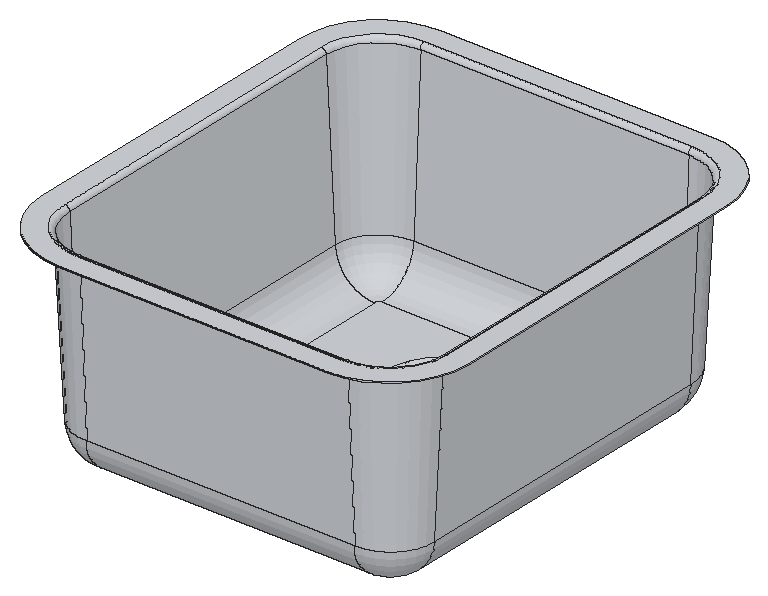
Revit family "Sink_Kitchen_Abey_Builders_SingleBowl_R50_FaceBased", category Plumbing Fixtures, host Face, Revit 2022
Family settings
  Host = Face
  Round Connector Dimension = Use Diameter
  Part Type = Normal
  OmniClass Number = 23.31.13.00
  OmniClass Title = Sinks
  Cut with Voids When Loaded = Yes
  Maintain Annotation Orientation = No
  Shared = No
  Room Calculation Point = No
Parameters (values of type "RFA100")
  Waste Connection = yes
  VoidHeightCalc [instance] = if(AboveMount, -40 mm, ManufacturerOverallHeight)  # -40 mm
  Vent Connection = no
  Uniclass2015Version = "Products v1.38"
  Uniclass2015Title = "Kitchen sinks"
  Uniclass2015Code = "Pr_40_20_96_45"
  UnderMount [instance] = no
  URL = "https://www.abey.com.au/"
  Type Comments = "Sink - Kitchen - Single Bowl - R50 - Single Bowl Stainless Steel"
  PopOutMaterial = Metal_Abey_StainlessSteel
  ModifiedIssue = 20251103
  Model = "RFA100"
  BodyMaterial = Metal_Abey_StainlessSteel
  ManufacturerURLProductSpecific = "https://www.abeyspecifier.com.au/product/r50-single-bowl-sink/"
  ManufacturerSpecCode = Model  # "RFA100"
  ManufacturerOverallWidth = 407 mm  # constant formula
  ManufacturerOverallHeight = 200 mm  # constant formula
  ManufacturerOverallDepth = 457 mm  # constant formula
  Manufacturer = "Abey"
  Keynote = ""
  IfcExportType = "SINK"
  IfcExportAs = "IfcSanitaryTerminal"
  HW Connection = no
  FlushMount [instance] = no
  Description = "Abey R50 Single Bowl Sink"
  Default Elevation = 900 mm
  CreatedByURL = "https://igsgroup.com.au"
  CreatedBy = "IGS BIM Solutions"  # constant formula
  Cost = 0
  CW Connection = no
  BasinElevationCalc [instance] = if(UnderMount, 41 mm, if(FlushMount, 1 mm, 0 mm))  # 0 mm
  Assembly Code = "D2010410"
  AboveMount [instance] = yes
Reference planes
  plane 1 "DrainCenter (Front/Back)": y = -43
  plane 2 "WallFace": z = 0
  plane 3 "Center (Left/Right)": x = 18.07
  plane 4 "Front": y = -346.5
  plane 5 "Back": y = 110.5
  plane 6 "Left": x = -185.43
  plane 7 "Right": x = 221.57
  plane 8 "Top": z = 1
  plane 9 "Bottom": z = -199
  plane 10 "LipBottom": z = 0
Forms (mm)
  Extrusion 1, void
    sketch origin (63.87, -1678.5, 0) x (0, -1, 0) y (1, 0, 0)
      loop
        arc (-1714, 142.7) -> (-1756.426, 125.126) -> (-1774, 82.7) r 60
        line (-1774, 82.7) -> (-1774, -174.3)
        arc (-1774, -174.3) -> (-1756.426, -216.726) -> (-1714, -234.3) r 60
        line (-1714, -234.3) -> (-1407, -234.3)
        arc (-1407, -234.3) -> (-1364.574, -216.726) -> (-1347, -174.3) r 60
        line (-1347, -174.3) -> (-1347, 82.7)
        arc (-1347, 82.7) -> (-1364.574, 125.126) -> (-1407, 142.7) r 60
        line (-1407, 142.7) -> (-1714, 142.7)
    from 0 to -199
  Extrusion 2, void
    sketch origin (63.87, -1678.5, 1) x (0, -1, 0) y (-1, 0, 0)
      loop
        arc (-1714, 249.3) -> (-1767.033, 227.333) -> (-1789, 174.3) r 75
        line (-1789, 174.3) -> (-1789, -82.7)
        arc (-1789, -82.7) -> (-1767.033, -135.733) -> (-1714, -157.7) r 75
        line (-1714, -157.7) -> (-1407, -157.7)
        arc (-1407, -157.7) -> (-1353.967, -135.733) -> (-1332, -82.7) r 75
        line (-1332, -82.7) -> (-1332, 174.3)
        arc (-1332, 174.3) -> (-1353.967, 227.333) -> (-1407, 249.3) r 75
        line (-1407, 249.3) -> (-1714, 249.3)
    from 0 to -40 <- "VoidHeightCalc"
  Extrusion 3, void
    sketch origin (63.87, -1678.5, 1) x (0, -1, 0) y (1, 0, 0)
      loop
        line (-1769, 82.7) -> (-1769, -174.3)
        arc (-1769, -174.3) -> (-1752.891, -213.191) -> (-1714, -229.3) r 55
        line (-1714, -229.3) -> (-1407, -229.3)
        arc (-1407, -229.3) -> (-1368.109, -213.191) -> (-1352, -174.3) r 55
        line (-1352, -174.3) -> (-1352, 82.7)
        arc (-1352, 82.7) -> (-1368.109, 121.591) -> (-1407, 137.7) r 55
        line (-1407, 137.7) -> (-1714, 137.7)
        arc (-1714, 137.7) -> (-1752.891, 121.591) -> (-1769, 82.7) r 55
    from 0 to 40
Text (mm)
  text "Disclaimer:\nDue to ongoing product development and manufacturing evolution, product details are subject to change without notice. Please refer to product technical data sheets on the manufacturers website for the most current product information. Please allow a +/- 5mm manufacturing tolerance for dimensions and set-outs shown in product literature." at (479.514, 74.225, 0), in view "Ref. Level"
Dimensions and locks
  "ManufacturerOverallWidth": plane 6 "Left" to plane 7 "Right"
  "ManufacturerOverallDepth": plane 4 "Front" to plane 5 "Back"
  equal spacing: plane 6 "Left", plane 3 "Center (Left/Right)", plane 7 "Right"
  locked: plane 1 "DrainCenter (Front/Back)" to plane 5 "Back" at 153.5
  "ManufacturerOverallHeight": plane 8 "Top" to plane 9 "Bottom"
  locked: plane 8 "Top" to plane 10 "LipBottom" at 1
  "BasinElevationCalc": plane 2 "WallFace" to plane 10 "LipBottom"
  aligned and locked: plane 2 "WallFace" to host face
  aligned and locked: plane 3 "Center (Left/Right)" to nested 1
  aligned and locked: nested 1 to plane 9 "Bottom"
Automatic sketch dimensions
  host sketch curve to host sketch curve = 830.301 mm
  host sketch curve to host sketch curve = 527.459 mm
  plane 5 "Back" to Extrusion 3 sketch curve = 20 mm
  Extrusion 3 sketch curve to plane 6 "Left" = 20 mm
  plane 5 "Back" to Extrusion 3 sketch curve = 75 mm
  Extrusion 3 sketch curve to Extrusion 3 sketch curve = 55 mm
  plane 4 "Front" to Extrusion 3 sketch curve = 75 mm  (x2)
  plane 4 "Front" to Extrusion 3 sketch curve = 20 mm
  Extrusion 3 sketch curve to plane 7 "Right" = 75 mm
  plane 5 "Back" to Extrusion 2 sketch curve = 0 mm
  Extrusion 2 sketch curve to plane 6 "Left" = 0 mm
  Extrusion 2 sketch curve to plane 7 "Right" = 0 mm
  Extrusion 2 sketch curve to plane 4 "Front" = 0 mm
  plane 5 "Back" to Extrusion 2 sketch curve = 75 mm  (x2)
  plane 4 "Front" to Extrusion 2 sketch curve = 75 mm
  Extrusion 2 sketch curve to Extrusion 2 sketch curve = 75 mm
  plane 5 "Back" to Extrusion 1 sketch curve = 15 mm
  Extrusion 1 sketch curve to Extrusion 1 sketch curve = 60 mm  (x2)
  Extrusion 1 sketch curve to plane 7 "Right" = 15 mm
  plane 4 "Front" to Extrusion 1 sketch curve = 75 mm  (x2)
  plane 4 "Front" to Extrusion 1 sketch curve = 15 mm
  Extrusion 1 sketch curve to plane 6 "Left" = 75 mm
Nested families
  nested 1: "z_Sink_Kitchen_Abey_Builders_SingleBowl_R50" at (128.87, -154.5, 0), UnderMount <- "UnderMount", FlushMount <- "FlushMount", AboveMount <- "AboveMount", type "Type 1"
    with VoidHeightCalc -40 mm, UnderMount no, FlushMount no, BasinElevationCalc 0 mm, AboveMount yes
Connectors
  piping at (18.07, -43, -280), diameter 50, driven by "Waste Connection"
    settings: on nested 1, index 1, connector inside diameter 24", connector length 0 mm, flow factor 0, pipe flow 0.00 L/s, pressure drop 0 kPa, fitting loss kfactor 0, connector angle 0.00°, fixture units 0, engagement length 0 mm, angle of deflection 0.00°, flow configuration 2, flow direction 2, fitting loss method 4, system type 16, joint type 0, gender type 0, connector reference index -1, connector utility 1, adjustable connector no, is connector primary yes, connector description "Waste Outlet"
Definition of nested family "z_Sink_Kitchen_Abey_Builders_SingleBowl_R50"
  Parameters (values of type "Type 1")
    Waste Connection = yes
    VoidHeightCalc [instance] = if(AboveMount, -40 mm, ManufacturerOverallHeight)  # -40 mm
    Vent Connection = no
    UnderMount [instance] = no
    URL = "https://www.abey.com.au/"
    Type Comments = ""
    PopOutMaterial = none
    Model = ""
    Default Elevation = 0 mm
    BasinElevationCalc [instance] = if(UnderMount, 41 mm, if(FlushMount, 1 mm, 0 mm))  # 0 mm
    FlushMount [instance] = no
    BodyMaterial = none
    ManufacturerOverallWidth = 407 mm  # constant formula
    ManufacturerOverallHeight = 200 mm  # constant formula
    ManufacturerOverallDepth = 457 mm  # constant formula
    Manufacturer = "Abey"
    HW Connection = no
    Description = ""
    CreatedByURL = "https://igsgroup.com.au"
    CreatedBy = "IGS BIM Solutions"  # constant formula
    CW Connection = no
    Assembly Code = "D2010410"
    AboveMount [instance] = yes
  Reference planes
    plane 1 "Ref. Level": z = 0
    plane 2 "Left": x = -314.3
    plane 3 "Right": x = 92.7
    plane 4 "Back": y = 265
    plane 5 "Front": y = -192
    plane 6 "Bottom": z = -199
    plane 7 "Top": z = 1
    plane 8 "MountingHeight": z = 0
    plane 9 "DrainCenter (Front/Back)": y = 111.5
    plane 10 "SinkCenter (Left/Right)": x = -110.8
  Forms (mm)
    Extrusion 1, solid, material <- "BodyMaterial"
      sketch origin (-65, -1524, 1) x (0, -1, 0) y (-1, 0, 0)
        loop
          line (-1789, 174.3) -> (-1789, -82.7)
          arc (-1789, -82.7) -> (-1767.033, -135.733) -> (-1714, -157.7) r 75
          line (-1714, -157.7) -> (-1407, -157.7)
          arc (-1407, -157.7) -> (-1353.967, -135.733) -> (-1332, -82.7) r 75
          line (-1332, -82.7) -> (-1332, 174.3)
          arc (-1332, 174.3) -> (-1353.967, 227.333) -> (-1407, 249.3) r 75
          line (-1407, 249.3) -> (-1714, 249.3)
          arc (-1714, 249.3) -> (-1767.033, 227.333) -> (-1789, 174.3) r 75
        loop
          arc (-1346.52, 173.545) -> (-1364.455, 216.845) -> (-1407.755, 234.78) r 61.235
          line (-1407.755, 234.78) -> (-1713.245, 234.78)
          arc (-1713.245, 234.78) -> (-1756.545, 216.845) -> (-1774.48, 173.545) r 61.235
          line (-1774.48, 173.545) -> (-1774.48, -81.945)
          arc (-1774.48, -81.945) -> (-1756.545, -125.245) -> (-1713.245, -143.18) r 61.235
          line (-1713.245, -143.18) -> (-1407.755, -143.18)
          arc (-1407.755, -143.18) -> (-1364.455, -125.245) -> (-1346.52, -81.945) r 61.235
          line (-1346.52, -81.945) -> (-1346.52, 173.545)
      from 0 to 1
    Sweep 2, solid, material <- "BodyMaterial"
      path origin (0, 0, -199) x (0, -1, 0) y (1, 0, 0)
        loop
          arc (116.245, -293.545) -> (155.136, -277.436) -> (171.245, -238.545) r 55
          line (171.245, -238.545) -> (171.245, 16.945)
          arc (171.245, 16.945) -> (155.136, 55.836) -> (116.245, 71.945) r 55
          line (116.245, 71.945) -> (-189.245, 71.945)
          arc (-189.245, 71.945) -> (-228.136, 55.836) -> (-244.245, 16.945) r 55
          line (-244.245, 16.945) -> (-244.245, -238.545)
          arc (-244.245, -238.545) -> (-228.136, -277.436) -> (-189.245, -293.545) r 55
          line (-189.245, -293.545) -> (116.245, -293.545)
      profile origin (-293.545, 36.5, -199) x (-1, 0, 0) y (0, 0, 1)
        loop
          line (-4.993, 195.262) -> (-13.339, 36.011)
          arc (-13.339, 36.011) -> (-25.13, 10.436) -> (-51.287, 0) r 38
          line (-51.287, 0) -> (-53, 0) -> (-53, -1) -> (-51.287, -1)
          arc (-51.287, -1) -> (-24.441, 9.71) -> (-12.34, 35.959) r 39
          line (-12.34, 35.959) -> (-3.995, 195.209)
          arc (-3.995, 195.209) -> (-2.753, 197.901) -> (0, 199) r 4
          line (0, 199) -> (6.235, 199) -> (6.235, 200) -> (0, 200)
          arc (0, 200) -> (-3.442, 198.627) -> (-4.993, 195.262) r 5
    Extrusion 3, solid, material <- "BodyMaterial"
      sketch origin (0, 0, -199) x (0, -1, 0) y (1, 0, 0)
        loop
          arc (-191.245, -238.545) -> (-190.659, -239.959) -> (-189.245, -240.545) r 2
          line (-189.245, -240.545) -> (116.245, -240.545)
          arc (116.245, -240.545) -> (117.659, -239.959) -> (118.245, -238.545) r 2
          line (118.245, -238.545) -> (118.245, 16.945)
          arc (118.245, 16.945) -> (117.659, 18.359) -> (116.245, 18.945) r 2
          line (116.245, 18.945) -> (-189.245, 18.945)
          arc (-189.245, 18.945) -> (-190.659, 18.359) -> (-191.245, 16.945) r 2
          line (-191.245, 16.945) -> (-191.245, -238.545)
        loop
          circle (-111.5, -110.8) r 61.25
      from 0 to -1
    Revolve 4, solid, material <- "BodyMaterial"
      sketch origin (0, 111.5, 0) x (1, 0, 0) y (0, 0, 1)
        loop
          line (-155.8, -208.059) -> (-167.754, -205.518) -> (-172.05, -199) -> (-173.248, -199) -> (-168.364, -206.411) -> (-155.8, -209.082) -> (-155.8, -208.059)
        axis (-110.8, -199) -> (-110.8, -209.082)
      angle from 0 to 360
  Cuts and joins
    joined: Extrusion 1, Sweep 2, Extrusion 3, Revolve 4
  Lines and regions (mm)
    Masking region 1, visible <- "AboveMount"
      outline origin (0, 0, 1) x (0, -1, 0) y (1, 0, 0)
        loop
          arc (-265, -239.3) -> (-243.033, -292.333) -> (-190, -314.3) r 75
          line (-190, -314.3) -> (117, -314.3)
          arc (117, -314.3) -> (170.033, -292.333) -> (192, -239.3) r 75
          line (192, -239.3) -> (192, 17.7)
          arc (192, 17.7) -> (170.033, 70.733) -> (117, 92.7) r 75
          line (117, 92.7) -> (-190, 92.7)
          arc (-190, 92.7) -> (-243.033, 70.733) -> (-265, 17.7) r 75
          line (-265, 17.7) -> (-265, -239.3)
    Masking region 2, visible <- "UnderMount"
      outline origin (0, 0, 1) x (0, -1, 0) y (1, 0, 0)
        loop
          arc (-245, -239.3) -> (-228.891, -278.191) -> (-190, -294.3) r 55
          line (-190, -294.3) -> (117, -294.3)
          arc (117, -294.3) -> (155.891, -278.191) -> (172, -239.3) r 55
          line (172, -239.3) -> (172, 17.7)
          arc (172, 17.7) -> (155.891, 56.591) -> (117, 72.7) r 55
          line (117, 72.7) -> (-190, 72.7)
          arc (-190, 72.7) -> (-228.891, 56.591) -> (-245, 17.7) r 55
          line (-245, 17.7) -> (-245, -239.3)
    Masking region 3, visible <- "FlushMount"
      outline origin (0, 0, 1) x (0, -1, 0) y (1, 0, 0)
        loop
          arc (-265, -239.3) -> (-243.033, -292.333) -> (-190, -314.3) r 75
          line (-190, -314.3) -> (117, -314.3)
          arc (117, -314.3) -> (170.033, -292.333) -> (192, -239.3) r 75
          line (192, -239.3) -> (192, 17.7)
          arc (192, 17.7) -> (170.033, 70.733) -> (117, 92.7) r 75
          line (117, 92.7) -> (-190, 92.7)
          arc (-190, 92.7) -> (-243.033, 70.733) -> (-265, 17.7) r 75
          line (-265, 17.7) -> (-265, -239.3)
    symbolic lines, detail levels medium+fine
      curve 1: arc (-238.8, 229.5, 1) -> (-267.084, 217.784, 1) -> (-278.8, 189.5, 1) r 40
      curve 2: line (-278.8, 189.5, 1) -> (-278.8, -116.5, 1)
      curve 3: arc (-278.8, -116.5, 1) -> (-267.084, -144.784, 1) -> (-238.8, -156.5, 1) r 40
      curve 4: line (-238.8, -156.5, 1) -> (17.2, -156.5, 1)
      curve 5: arc (17.2, -156.5, 1) -> (45.484, -144.784, 1) -> (57.2, -116.5, 1) r 40
      curve 6: line (57.2, -116.5, 1) -> (57.2, 189.5, 1)
      curve 7: arc (57.2, 189.5, 1) -> (45.484, 217.784, 1) -> (17.2, 229.5, 1) r 40
      curve 8: line (17.2, 229.5, 1) -> (-238.8, 229.5, 1)
      curve 9: line (-288.8, -116.5, 1) -> (-288.8, 189.5, 1)
      curve 10: line (17.2, -166.5, 1) -> (-238.8, -166.5, 1)
      curve 11: line (67.2, 189.5, 1) -> (67.2, -116.5, 1)
      curve 12: arc (-238.8, -166.5, 1) -> (-274.155, -151.855, 1) -> (-288.8, -116.5, 1) r 50
      curve 13: arc (17.2, -166.5, 1) -> (52.555, -151.855, 1) -> (67.2, -116.5, 1) r 50
      curve 14: arc (67.2, 189.5, 1) -> (52.555, 224.855, 1) -> (17.2, 239.5, 1) r 50
      curve 15: arc (-288.8, 189.5, 1) -> (-274.155, 224.855, 1) -> (-238.8, 239.5, 1) r 50
      curve 16: line (-238.8, 239.5, 1) -> (17.2, 239.5, 1)
      curve 17: circle (-110.8, 111.5, 1) r 45 normal (0, 0, -1)
    symbolic lines
      curve 18: arc (-281.204, -192, -163.041) -> (-269.104, -192, -189.29) -> (-242.258, -192, -200) r 39
      curve 19: arc (59.604, -192, -163.041) -> (47.504, -192, -189.29) -> (20.658, -192, -200) r 39
  Dimensions and locks
    "ManufacturerOverallWidth": plane 2 "Left" to plane 3 "Right"
    "ManufacturerOverallDepth": plane 4 "Back" to plane 5 "Front"
    "ManufacturerOverallHeight": plane 7 "Top" to plane 6 "Bottom"
    locked: plane 7 "Top" to plane 8 "MountingHeight" at 1
    "BasinElevationCalc": plane 1 "Ref. Level" to plane 8 "MountingHeight"
    locked: plane 9 "DrainCenter (Front/Back)" to plane 4 "Back" at 153.5
    equal spacing: plane 2 "Left", plane 10 "SinkCenter (Left/Right)", plane 3 "Right"
    aligned and locked: level to plane 1 "Ref. Level"
    aligned and locked: nested 1 to plane 6 "Bottom"
  Automatic sketch dimensions
    plane 4 "Back" to Extrusion 1 sketch curve = 0 mm
    Extrusion 1 sketch curve to plane 3 "Right" = 0 mm
    Extrusion 1 sketch curve to plane 2 "Left" = 0 mm
    Extrusion 1 sketch curve to plane 5 "Front" = 0 mm
    plane 4 "Back" to Extrusion 1 sketch curve = 14.52 mm
    Extrusion 1 sketch curve to Extrusion 1 sketch curve = 60.48 mm
    Extrusion 1 sketch curve to Extrusion 1 sketch curve = 0.755 mm  (x2)
    plane 2 "Left" to Extrusion 1 sketch curve = 14.52 mm
    plane 5 "Front" to Extrusion 1 sketch curve = 75.755 mm
    plane 5 "Front" to Extrusion 1 sketch curve = 14.52 mm
    plane 4 "Back" to Masking region 1 sketch curve = 0 mm
    Masking region 1 sketch curve to plane 2 "Left" = 0 mm
    Masking region 1 sketch curve to plane 3 "Right" = 0 mm
    Masking region 1 sketch curve to plane 5 "Front" = 0 mm
    plane 4 "Back" to Masking region 1 sketch curve = 75 mm
    Masking region 1 sketch curve to Masking region 1 sketch curve = 75 mm  (x2)
    plane 2 "Left" to Masking region 1 sketch curve = 75 mm
    plane 4 "Back" to Masking region 2 sketch curve = 20 mm
    plane 3 "Right" to Masking region 2 sketch curve = 20 mm
    plane 4 "Back" to Masking region 2 sketch curve = 75 mm
    Masking region 2 sketch curve to Masking region 2 sketch curve = 55 mm
    plane 5 "Front" to Masking region 2 sketch curve = 75 mm  (x2)
    plane 5 "Front" to Masking region 2 sketch curve = 20 mm
    plane 2 "Left" to Masking region 2 sketch curve = 75 mm
    plane 4 "Back" to Masking region 3 sketch curve = 0 mm
    Masking region 3 sketch curve to plane 2 "Left" = 0 mm
    Masking region 3 sketch curve to plane 3 "Right" = 0 mm
    Masking region 3 sketch curve to plane 5 "Front" = 0 mm
    plane 4 "Back" to Masking region 3 sketch curve = 75 mm
    Masking region 3 sketch curve to Masking region 3 sketch curve = 75 mm  (x2)
    plane 2 "Left" to Masking region 3 sketch curve = 75 mm
    plane 4 "Back" to Sweep 2 sketch curve = 20.755 mm
    plane 4 "Back" to Sweep 2 sketch curve = 75.755 mm  (x2)
    plane 2 "Left" to Sweep 2 sketch curve = 20.755 mm
    plane 5 "Front" to Sweep 2 sketch curve = 75.755 mm  (x2)
    plane 5 "Front" to Sweep 2 sketch curve = 20.755 mm
    Sweep 2 sketch curve to Sweep 2 sketch curve = 0 mm  (x4)
    Sweep 2 sketch curve to plane 6 "Bottom" = 0 mm
    Sweep 2 sketch curve to profile plane = 0 mm
    profile plane to Sweep 2 sketch curve = 3.995 mm
    Sweep 2 sketch curve to Sweep 2 sketch curve = 0.999 mm  (x2)
    profile plane to Sweep 2 sketch curve = 12.34 mm
    Sweep 2 sketch curve to Sweep 2 sketch curve = 37.948 mm
    Sweep 2 sketch curve to Sweep 2 sketch curve = 1.713 mm
    Sweep 2 sketch curve to Sweep 2 sketch curve = 6.235 mm
    plane 6 "Bottom" to Sweep 2 sketch curve = 1 mm
    Sweep 2 sketch curve to plane 6 "Bottom" = 35.959 mm
    Sweep 2 sketch curve to Sweep 2 sketch curve = 159.041 mm
    Sweep 2 sketch curve to Sweep 2 sketch curve = 0.209 mm
    Sweep 2 sketch curve to Sweep 2 sketch curve = 0.052 mm
    Extrusion 1 sketch curve to Extrusion 1 sketch curve = 75 mm
    plane 4 "Back" to Extrusion 1 sketch curve = 75.755 mm
    Extrusion 1 sketch curve to Extrusion 1 sketch curve = 61.235 mm
    plane 5 "Front" to Extrusion 1 sketch curve = 75 mm
    Extrusion 1 sketch curve to Extrusion 1 sketch curve = 255.49 mm
    Sweep 2 sketch curve to Sweep 2 sketch curve = 255.49 mm
    curve 1 to curve 15 = 0 mm  (x2)
    curve 3 to curve 12 = 0 mm  (x2)
    curve 5 to curve 13 = 0 mm  (x2)
    curve 7 to curve 14 = 0 mm  (x2)
    plane 9 "DrainCenter (Front/Back)" to curve 17 = 0 mm
    curve 17 to plane 10 "SinkCenter (Left/Right)" = 0 mm
    plane 4 "Back" to curve 1 = 75.5 mm
    plane 4 "Back" to curve 7 = 75.5 mm
    plane 4 "Back" to curve 8 = 35.5 mm
    curve 16 to curve 7 = 10 mm
    plane 3 "Right" to curve 6 = 35.5 mm
    plane 5 "Front" to curve 6 = 75.5 mm
    plane 5 "Front" to curve 2 = 75.5 mm
    plane 5 "Front" to curve 4 = 35.5 mm
    plane 2 "Left" to curve 8 = 75.5 mm
    plane 9 "DrainCenter (Front/Back)" to Extrusion 3 sketch curve = 0 mm
    Extrusion 3 sketch curve to plane 10 "SinkCenter (Left/Right)" = 0 mm
    plane 4 "Back" to Extrusion 3 sketch curve = 75.755 mm  (x2)
    Extrusion 3 sketch curve to Extrusion 3 sketch curve = 2 mm  (x2)
    plane 5 "Front" to Extrusion 3 sketch curve = 75.755 mm  (x2)
    plane 2 "Left" to Extrusion 3 sketch curve = 75.755 mm
    plane 3 "Right" to Extrusion 3 sketch curve = 75.755 mm
    Revolve 4 sketch curve to plane 6 "Bottom" = 0 mm  (x2)
    plane 10 "SinkCenter (Left/Right)" to Revolve 4 sketch curve = 0 mm
    plane 6 "Bottom" to Revolve 4 sketch curve = 9.059 mm
    plane 10 "SinkCenter (Left/Right)" to Revolve 4 sketch curve = 45 mm
    plane 6 "Bottom" to Revolve 4 sketch curve = 6.518 mm
    Revolve 4 sketch curve to Revolve 4 sketch curve = 11.954 mm
    plane 6 "Bottom" to Revolve 4 sketch curve = 7.411 mm
    Revolve 4 sketch curve to Revolve 4 sketch curve = 0.609 mm
    Revolve 4 sketch curve to Revolve 4 sketch curve = 4.296 mm
    Revolve 4 sketch curve to Revolve 4 sketch curve = 1.198 mm
    Revolve 4 sketch curve to Revolve 4 sketch curve = 1.022 mm
    plane 6 "Bottom" to Revolve 4 sketch curve = 6.66 mm
    curve 18 to plane 2 "Left" = 72.042 mm
    curve 19 to plane 3 "Right" = 72.042 mm
    plane 6 "Bottom" to curve 19 = 38 mm
    plane 6 "Bottom" to curve 18 = 38 mm
    curve 18 to plane 2 "Left" = 33.096 mm
    curve 19 to plane 3 "Right" = 33.096 mm
    plane 6 "Bottom" to curve 18 = 35.959 mm
    plane 6 "Bottom" to curve 19 = 35.959 mm
    radius of curve 17 = 45 mm
    radius of Extrusion 3 sketch curve = 61.25 mm
  Nested families
    nested 1: "z_WasteOutlet_Abey_90mm" at (-208.82, 266.5, -199), type "Type 1"
  Definition of nested family "z_WasteOutlet_Abey_90mm"
    Parameters (values of type "Type 1")
      Waste Connection = no
      WFU = 0
      Vent Connection = no
      URL = ""
      Type Comments = ""
      Model = ""
      ManufacturerOverallWidth = 90 mm  # constant formula
      ManufacturerOverallHeight = 81 mm  # constant formula
      ManufacturerOverallDepth = 90 mm  # constant formula
      Manufacturer = "Abey"
      Keynote = ""
      HWFU = 0
      HW Connection = no
      Description = ""
      Default Elevation = 0 mm
      CreatedBy = "IGS BIM Solutions"
      Cost = 0
      CWFU = 0
      CW Connection = no
      Material = none
      Assembly Code = ""
    Reference planes
      plane 1 "Ref. Level": z = 0
      plane 2 "Center (Left/Right)": x = 98.02
      plane 3 "Bottom": z = -81
      plane 4 "Back": y = -110
      plane 5 "Left": x = 53.02
      plane 6 "Front": y = -200
      plane 7 "Right": x = 143.02
      plane 8 "Top": z = 0
      plane 9 "Center (Front/Back)": y = -155
      plane 10 "Center (Elevation)": z = -40.5
    Forms (mm)
      Revolve 1, solid, material <- "Material"
        sketch origin (-684.381, -155, 4000) x (-1, 0, 0) y (0, 0, 1)
          loop
            line (-782.401, -4000) -> (-785.062, -4000)
            arc (-785.062, -4000) -> (-787.286, -4001.452) -> (-786.852, -4004.073) r 2.429
            arc (-786.852, -4004.073) -> (-785.915, -4009.961) -> (-790.971, -4013.122) r 5.399
            arc (-790.971, -4013.122) -> (-803.748, -4012.353) -> (-816.445, -4010.727) r 190.039
            arc (-816.445, -4010.727) -> (-818.249, -4009.71) -> (-818.964, -4007.766) r 3
            line (-818.964, -4007.766) -> (-818.964, -4000) -> (-827.401, -4000) -> (-827.401, -4027) -> (-817.401, -4027) -> (-807.401, -4057) -> (-807.401, -4081) -> (-806.401, -4081) -> (-806.401, -4056.838) -> (-816.681, -4026) -> (-826.401, -4026) -> (-826.401, -4001) -> (-819.964, -4001) -> (-819.964, -4007.766)
            arc (-819.964, -4007.766) -> (-819.011, -4010.358) -> (-816.605, -4011.714) r 4
            arc (-816.605, -4011.714) -> (-803.842, -4013.349) -> (-790.997, -4014.121) r 191.039
            arc (-790.997, -4014.121) -> (-785.005, -4010.376) -> (-786.115, -4003.396) r 6.399
            arc (-786.115, -4003.396) -> (-786.371, -4001.854) -> (-785.062, -4001) r 1.429
            line (-785.062, -4001) -> (-782.401, -4001) -> (-782.401, -4000)
          axis (-782.401, -4081) -> (-782.401, -4000)
        angle from 0 to 360
    Lines and regions (mm)
      Masking region 1
        outline origin (0, 0, 0) x (-1, 0, 0) y (0, -1, 0)
          loop
            circle (-98.02, 155) r 45
      symbolic lines, detail levels fine
        curve 1: circle (98.02, -155, 0) r 36.508 normal (0, 0, 1)
        curve 2: circle (98.02, -155, 0) r 5 normal (0, 0, 1)
    Dimensions and locks
      "ManufacturerOverallDepth": plane 6 "Front" to plane 4 "Back"
      equal spacing: plane 6 "Front", plane 9 "Center (Front/Back)", plane 4 "Back"
      equal spacing: plane 5 "Left", plane 2 "Center (Left/Right)", plane 7 "Right"
      "ManufacturerOverallWidth": plane 5 "Left" to plane 7 "Right"
      "ManufacturerOverallHeight": plane 8 "Top" to plane 3 "Bottom"
      equal spacing: plane 8 "Top", plane 10 "Center (Elevation)", plane 3 "Bottom"
    Automatic sketch dimensions
      Masking region 1 sketch curve to plane 2 "Center (Left/Right)" = 0 mm
      plane 9 "Center (Front/Back)" to Masking region 1 sketch curve = 0 mm
      curve 1 to curve 2 = 0 mm  (x2)
      curve 2 to plane 2 "Center (Left/Right)" = 0 mm
      plane 9 "Center (Front/Back)" to curve 2 = 0 mm
      Revolve 1 sketch curve to Revolve 1 sketch curve = 0 mm  (x13)
      Revolve 1 sketch curve to plane 3 "Bottom" = 0 mm
      Revolve 1 sketch curve to level = 0 mm  (x3)
      Revolve 1 sketch curve to plane 2 "Center (Left/Right)" = 0 mm  (x2)
      plane 7 "Right" to Revolve 1 sketch curve = 1 mm
      plane 7 "Right" to Revolve 1 sketch curve = 7.437 mm
      Revolve 1 sketch curve to Revolve 1 sketch curve = 10 mm
      Revolve 1 sketch curve to Revolve 1 sketch curve = 3 mm
      Revolve 1 sketch curve to Revolve 1 sketch curve = 1 mm  (x3)
      Revolve 1 sketch curve to plane 2 "Center (Left/Right)" = 8.428 mm
      Revolve 1 sketch curve to plane 2 "Center (Left/Right)" = 3.562 mm
      level to Revolve 1 sketch curve = 1 mm  (x2)
      Revolve 1 sketch curve to Revolve 1 sketch curve = 2.661 mm
      Revolve 1 sketch curve to Revolve 1 sketch curve = 0.162 mm
      Revolve 1 sketch curve to Revolve 1 sketch curve = 7.766 mm
      level to Revolve 1 sketch curve = 7.724 mm
      Revolve 1 sketch curve to Revolve 1 sketch curve = 1.429 mm
      Revolve 1 sketch curve to level = 176.852 mm
      Revolve 1 sketch curve to Revolve 1 sketch curve = 5 mm
      Revolve 1 sketch curve to plane 7 "Right" = 0 mm
      plane 10 "Center (Elevation)" to Revolve 1 sketch curve = 16.5 mm
      Revolve 1 sketch curve to Revolve 1 sketch curve = 0.721 mm
      plane 7 "Right" to Revolve 1 sketch curve = 20 mm
      Revolve 1 sketch curve to plane 10 "Center (Elevation)" = 13.5 mm
      radius of Masking region 1 sketch curve = 45 mm
      radius of curve 1 = 36.508 mm
      radius of curve 2 = 5 mm
